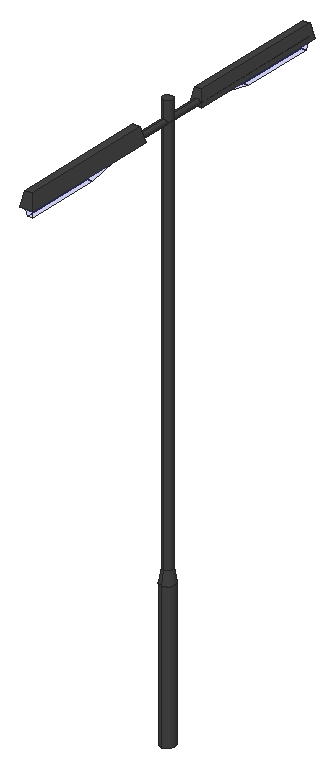
Revit family
Parameters
  Material Lamp Post = Paint - Black Matte
  Material Lamp Glazing = Glass
  Height = 6000 mm
  Base Height = 1500 mm
  Arm Length = 1800 mm
Reference planes
  plane 1 "Light Source Axis (F/B)": y = 0
  plane 2: z = 0
  plane 3 "Light Source Axis (L/R)": x = 43.565
  plane 4 "Light Source Elevation": z = 5670
  plane 5: z = 1500
  plane 6: x = -6.435
  plane 7: x = 93.565
  plane 8: z = 1640
  plane 9: y = -1800
  plane 10: x = 43.565
  plane 11: z = 5800
  plane 12: y = -620
  plane 13: y = 1800
  plane 14: z = 6000
  plane 15: y = 1350
  plane 16: y = -1350
Forms (mm)
  Extrusion 1, solid, material "Paint - Black Matte" <- "Material Lamp Post"
    sketch origin (0, 0, 1500) x (0, -1, 0) y (-1, 0, 0)
      loop
        circle (0, -43.565) r 50
    from -140 to -4500
  Blend 2, solid, material "Paint - Black Matte" <- "Material Lamp Post"
    base sketch origin (0, 0, 1500) x (0, -1, 0) y (1, 0, 0)
      loop
        circle (0, 43.565) r 75
    top sketch origin (0, 0, 1500) x (0, -1, 0) y (1, 0, 0)
      loop
        circle (0, 43.565) r 50
    from 0 to 140
  Extrusion 3, solid, material "Paint - Black Matte" <- "Material Lamp Post"
    sketch origin (0, 0, 1500) x (0, -1, 0) y (-1, 0, 0)
      loop
        circle (0, -43.565) r 75
    from 0 to 1500
  Extrusion 4, solid, material "Paint - Black Matte" <- "Material Lamp Post"
    sketch origin (0, -1600, 0) x (0, 0, -1) y (1, 0, 0)
      loop
        circle (-5800, 43.565) r 30
    from 200 to -3400
  Blend 5, solid, material "Paint - Black Matte" <- "Material Lamp Post"
    base sketch origin (0, 0, 5800) x (0, 1, 0) y (-1, 0, 0)
      loop
        line (-370, -111.065) -> (-370, 23.935) -> (-1830, 23.935) -> (-1830, -111.065) -> (-370, -111.065)
    top sketch origin (0, 0, 5800) x (0, 1, 0) y (-1, 0, 0)
      loop
        line (-400, -6.065) -> (-1800, -6.065) -> (-1800, -81.065) -> (-400, -81.065) -> (-400, -6.065)
    from -30 to 119.26
  Blend 6, solid, material "Glass" <- "Material Lamp Glazing"
    base sketch origin (0, 0, 5800) x (0, 1, 0) y (-1, 0, 0)
      loop
        line (-620, -6.065) -> (-1800, -6.065) -> (-1800, -81.065) -> (-620, -81.065) -> (-620, -6.065)
    top sketch origin (0, 0, 5800) x (0, 1, 0) y (-1, 0, 0)
      loop
        line (-1000, -18.565) -> (-1775, -18.565) -> (-1775, -68.565) -> (-1000, -68.565) -> (-1000, -18.565)
    from -30 to -130
  Blend 7, solid, material "Paint - Black Matte" <- "Material Lamp Post"
    base sketch origin (551.971, -25.008, 9800) x (0, -1, 0) y (1, 0, 0)
      loop
        line (-395, -571.065) -> (-395, -445.747) -> (-1855, -445.747) -> (-1855, -571.065) -> (-395, -571.065)
    top sketch origin (551.971, -25.008, 9800) x (0, -1, 0) y (1, 0, 0)
      loop
        line (-425.008, -470.906) -> (-1825.008, -470.906) -> (-1825.008, -545.906) -> (-425.008, -545.906) -> (-425.008, -470.906)
    from -4030 to -3880.74
  Blend 8, solid, material "Glass" <- "Material Lamp Glazing"
    base sketch origin (0, 3500, 9800) x (0, 1, 0) y (-1, 0, 0)
      loop
        line (-1700, -6.065) -> (-2880, -6.065) -> (-2880, -81.065) -> (-1700, -81.065) -> (-1700, -6.065)
    top sketch origin (0, 3500, 9800) x (0, 1, 0) y (-1, 0, 0)
      loop
        line (-1725, -18.565) -> (-2475, -18.565) -> (-2475, -68.565) -> (-1725, -68.565) -> (-1725, -18.565)
    from -4030 to -4130
Lines and regions (mm)
  Masking region 1
    outline origin (0, 0, 5800) x (0, 1, 0) y (-1, 0, 0)
      loop
        line (1829.992, 19.094) -> (369.992, 19.094) -> (369.992, -13.565) -> (68.739, -13.565)
        arc (68.739, -13.565) -> (0, 31.435) -> (-68.739, -13.565) r 75
        line (-68.739, -13.565) -> (-370, -13.565) -> (-370, 23.935) -> (-1830, 23.935) -> (-1830, -111.065) -> (-370, -111.065) -> (-370, -73.565) -> (-68.739, -73.565)
        arc (-68.739, -73.565) -> (0, -118.565) -> (68.739, -73.565) r 75
        line (68.739, -73.565) -> (369.992, -73.565) -> (369.992, -106.224) -> (1829.992, -106.224) -> (1829.992, 19.094)
  symbolic lines
    curve 1: line (-19.094, 1829.992, 5800) -> (106.224, 1829.992, 5800)
    curve 2: line (-19.094, 1829.992, 5800) -> (-19.094, 369.992, 5800)
    curve 3: line (106.224, 1829.992, 5800) -> (106.224, 369.992, 5800)
    curve 4: line (-23.935, -1830, 5800) -> (-23.935, -370, 5800)
    curve 5: line (111.065, -1830, 5800) -> (-23.935, -1830, 5800)
    curve 6: line (111.065, -370, 5800) -> (111.065, -1830, 5800)
    curve 7: circle (43.565, 0, 5800) r 75 normal (0, 0, 1)
    curve 8: line (13.565, 369.992, 5800) -> (13.565, 68.739, 5800)
    curve 9: line (13.565, -68.739, 5800) -> (13.565, -370, 5800)
    curve 10: line (73.565, 369.992, 5800) -> (73.565, 68.739, 5800)
    curve 11: line (73.565, -68.739, 5800) -> (73.565, -370, 5800)
    curve 12: line (-23.935, -370, 5800) -> (111.065, -370, 5800)
    curve 13: line (-19.094, 369.992, 5800) -> (106.224, 369.992, 5800)
Dimensions and locks
  "Base Height": plane 5 to plane 2
  locked: plane 8 to plane 5 at 140
  "Arm Length": plane 9 to plane 1 "Light Source Axis (F/B)"
  equal spacing: Blend 5 sketch curve, plane 3 "Light Source Axis (L/R)", Blend 5 sketch curve  (x2)
  Blend 5 sketch curve to Blend 5 sketch curve = 135 mm
  locked: Blend 5 sketch curve to Blend 5 sketch curve at 75
  plane 9 to plane 12 = 1180 mm
  equal spacing: Blend 6 sketch curve, plane 3 "Light Source Axis (L/R)", Blend 6 sketch curve  (x2)
  locked: Blend 6 sketch curve to Blend 6 sketch curve at 75
  Blend 6 sketch curve to Blend 6 sketch curve = 50 mm
  Blend 6 sketch curve to var sketch = 380 mm
  plane 9 to Blend 5 sketch curve = 1430 mm
  plane 9 to Blend 5 sketch curve = 1400 mm
  Blend 7 sketch curve to Blend 7 sketch curve = 125.318 mm
  locked: Blend 7 sketch curve to Blend 7 sketch curve at 75
  "Arm Length": plane 13 to plane 1 "Light Source Axis (F/B)"
  locked: Blend 8 sketch curve to Blend 8 sketch curve at 75
  Blend 8 sketch curve to Blend 8 sketch curve = 50 mm
  Blend 7 sketch curve to plane 13 = 1430.008 mm
  equal spacing: Blend 7 sketch curve, plane 3 "Light Source Axis (L/R)", Blend 7 sketch curve  (x2)
  Blend 8 sketch curve to plane 13 = 1180 mm
  equal spacing: Blend 8 sketch curve, plane 3 "Light Source Axis (L/R)", Blend 8 sketch curve  (x2)
  Blend 7 sketch curve to plane 13 = 1400 mm
  Blend 7 sketch curve to plane 13 = 29.992 mm
  Blend 8 sketch curve to plane 13 = 0 mm
  Blend 7 to plane 11 to Blend 7 = 119.26 mm locked, 30 mm locked
  locked: Blend 8 to Blend 7 at 100
  Blend 8 sketch curve to Blend 8 sketch curve to plane 13 = 750 mm, 25 mm
  plane 4 "Light Source Elevation" to Blend 8 = 0 mm
  "Height": plane 14 to level
  locked: plane 14 to plane 11 at 200
  locked: plane 14 to plane 4 "Light Source Elevation" at 330
  locked: plane 13 to plane 15 at 450
  locked: plane 16 to plane 9 at 450
  aligned and locked: plane 8 to Extrusion 1
  aligned and locked: Extrusion 3 to level
  aligned and locked: plane 9 to Extrusion 4
  aligned and locked: Extrusion 4 to plane 13
  aligned and locked: Blend 7 sketch curve to plane 13
  aligned and locked: plane 13 to Blend 8 sketch curve
  aligned and locked: Blend 8 to Blend 5
  aligned and locked: Blend 8 to Blend 7
  aligned and locked: plane 14 to Extrusion 1
  aligned and locked: Blend 8 to plane 4 "Light Source Elevation"
  aligned and locked: plane 16 to nested 2
  aligned and locked: nested 1 to plane 15
  aligned and locked: plane 3 "Light Source Axis (L/R)" to nested 1
  aligned and locked: nested 2 to plane 3 "Light Source Axis (L/R)"
  aligned and locked: nested 1 to plane 4 "Light Source Elevation"
  aligned and locked: plane 4 "Light Source Elevation" to nested 2
  aligned and locked: curve 1 to Blend 7
  aligned and locked: curve 2 to Blend 7
  aligned and locked: curve 3 to Blend 7
  aligned and locked: curve 6 to Blend 5  (x2)
  aligned and locked: curve 7 to Extrusion 3
  aligned and locked: Masking region 1 sketch curve to curve 10
  aligned and locked: Masking region 1 sketch curve to Extrusion 3  (x2)
  aligned and locked: Masking region 1 to curve 4
  aligned and locked: Masking region 1 to curve 6
  aligned and locked: Masking region 1 to curve 5
  aligned and locked: Masking region 1 to curve 11
  aligned and locked: Masking region 1 to curve 9
  aligned and locked: Masking region 1 to curve 10
  aligned and locked: curve 8 to Masking region 1
  aligned and locked: Masking region 1 to curve 3
  aligned and locked: Masking region 1 to curve 2
  aligned and locked: Masking region 1 to curve 1
  aligned and locked: Blend 5 to Masking region 1
  aligned and locked: Blend 7 to Masking region 1
  aligned and locked: Blend 5 to curve 12
  aligned and locked: Masking region 1 sketch curve to curve 12  (x2)
  aligned and locked: curve 13 to Blend 7
  aligned and locked: Masking region 1 sketch curve to curve 13  (x2)
Automatic sketch dimensions
  Extrusion 1 sketch curve to plane 1 "Light Source Axis (F/B)" = 0 mm
  Extrusion 1 sketch curve to plane 3 "Light Source Axis (L/R)" = 0 mm
  Blend 2 sketch curve to plane 1 "Light Source Axis (F/B)" = 0 mm  (x2)
  Blend 2 sketch curve to plane 3 "Light Source Axis (L/R)" = 0 mm  (x2)
  Extrusion 3 sketch curve to plane 1 "Light Source Axis (F/B)" = 0 mm
  Extrusion 3 sketch curve to plane 3 "Light Source Axis (L/R)" = 0 mm
  Extrusion 4 sketch curve to plane 3 "Light Source Axis (L/R)" = 0 mm
  Extrusion 4 sketch curve to plane 11 = 0 mm
  plane 9 to Blend 5 sketch curve = 30 mm
  Blend 5 sketch curve to plane 9 = 0 mm
  Blend 6 sketch curve to plane 9 = 0 mm
  Blend 6 sketch curve to plane 12 = 0 mm
  Blend 6 sketch curve to plane 9 = 25 mm
  Blend 7 sketch curve to plane 3 "Light Source Axis (L/R)" = 62.659 mm
  plane 3 "Light Source Axis (L/R)" to Blend 8 sketch curve = 25 mm
  plane 3 "Light Source Axis (L/R)" to Masking region 1 sketch curve = 30 mm
  Masking region 1 sketch curve to Masking region 1 sketch curve = 0 mm  (x2)
  plane 9 to Masking region 1 sketch curve = 30 mm
  plane 3 "Light Source Axis (L/R)" to Masking region 1 sketch curve = 62.659 mm
  Masking region 1 sketch curve to plane 13 = 29.992 mm
  Masking region 1 sketch curve to Masking region 1 sketch curve = 37.5 mm
  Masking region 1 sketch curve to Masking region 1 sketch curve = 32.659 mm
  Masking region 1 sketch curve to plane 3 "Light Source Axis (L/R)" = 67.5 mm
  plane 3 "Light Source Axis (L/R)" to curve 11 = 30 mm
  curve 9 to plane 3 "Light Source Axis (L/R)" = 30 mm
  curve 8 to plane 3 "Light Source Axis (L/R)" = 30 mm
  plane 3 "Light Source Axis (L/R)" to curve 10 = 30 mm
  curve 9 to curve 4 = 37.5 mm
  radius of Extrusion 1 sketch curve = 50 mm
  radius of Blend 2 sketch curve = 75 mm
  radius of Blend 2 sketch curve = 50 mm
  radius of Extrusion 3 sketch curve = 75 mm
  radius of Extrusion 4 sketch curve = 30 mm
Nested families
  nested 1: "Light Source" at (43.565, 1350, 5670), type "250W"
  nested 2: "Light Source" at (43.565, -1350, 5670), type "250W"
Definition of nested family "Light Source"
  Parameters (values of type "250W")
    Wattage = 250 W
    built-in parameter 1150110 = 1 (stored number, unit not read)
    built-in parameter 1114217 = 1 (stored number, unit not read)
    built-in parameter 1150109 = 1 (stored number, unit not read)
    built-in parameter 1150134 = 3
    built-in parameter 1150113 = 1 (stored number, unit not read)
    Lumens = 4500 lm
    built-in parameter 1150115 = 1 (stored number, unit not read)
    built-in parameter 1150105 = 1432.4 (stored number, unit not read)
    Light Source Symbol Size = 609.6 mm
    built-in parameter 1150137 = (empty or 0)
    built-in parameter 1150139 = (empty or 0)
    built-in parameter 1150112 = 1 (stored number, unit not read)
    built-in parameter 1150114 = 1 (stored number, unit not read)
    built-in parameter 1150132 = (empty or 0)
    built-in parameter 1150102 = (empty or 0)
    built-in parameter 1150138 = (empty or 0)
    built-in parameter 1150107 = 3200 (stored number, unit not read)
    built-in parameter 1150106 = 14.324 (stored number, unit not read)
    built-in parameter 1150104 = 1.6723 (stored number, unit not read)
    Dimming Lamp Color Temperature Shift = (empty or 0)
    Color Filter = 16777215
    built-in parameter 1114218 = 1 (stored number, unit not read)
    built-in parameter 1150133 = 10 (stored number, unit not read)
    Assembly Code = ""
  Reference planes
    plane 1 "Light Source Axis (F/B)": y = 0
    plane 2: z = 0
    plane 3 "Light Source Axis (L/R)": x = 0
    plane 4 "Light Source Elevation": z = 0
    plane 5: x = 0
  Lines and regions (mm)
    reference lines
      curve 1: line (-880, 0, 0) -> (1700, 0, 0)
      curve 2: line (0, 1400, 0) -> (0, -800, 0)
  Dimensions and locks
    aligned and locked: plane 3 "Light Source Axis (L/R)" to imposter light
    aligned and locked: plane 1 "Light Source Axis (F/B)" to imposter light
    aligned and locked: plane 4 "Light Source Elevation" to imposter light
    aligned and locked: plane 4 "Light Source Elevation" to plane 2
    aligned and locked: plane 1 "Light Source Axis (F/B)" to curve 1
    aligned and locked: curve 2 to plane 5
